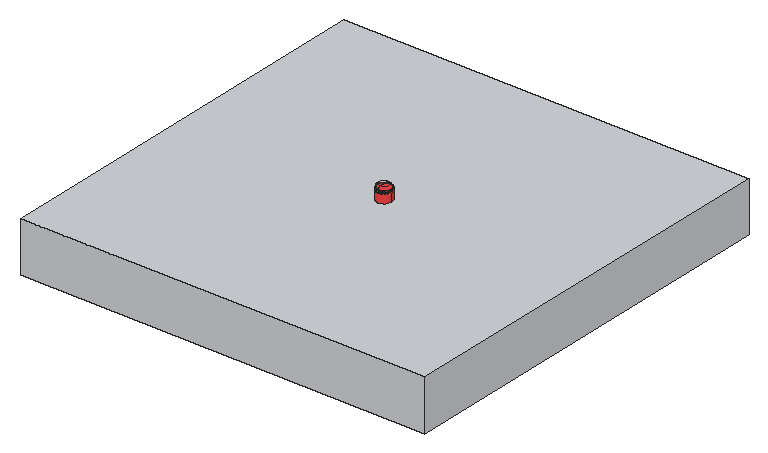
Revit family "Sirena_Aguilera Electronica", category Dispositivos de alarma de incendios, Revit 2017
Family settings
  Anfitrión = Cara
  Mantener orientación de anotación = Sí
  Cota de conector redondo = Diámetro de uso
  Tipo de pieza = Normal
  Número OmniClass = 23.85.30.21.14.11
  Título OmniClass = Concentration Detection Bells and Sounders
  Corte con vacíos al cargar = No
  Compartido = No
  Punto de cálculo de habitación = No
Parameters (values of type "Sirena electrónica con foco")
  URL = "https://aguilera.es/?productos=sirena-electronica-con-foco"
  Símbolo texto modelo = yes
  Símbolo = yes
  Modelo = "AE/V-ASF1SB"
  Flash = yes
  Fabricante = "Aguilera Electrónica"  # constant formula
  Elevación por defecto = 1200 mm
  Diámetro tubo = 20 mm
  Descripción = "Sirena con foco multitono. Certificada según EN 54-3. Dimensiones: Ø 93 mm, altura: 80 mm. Nivel sonoro: 100 dB (tono 3). Intensidad luminosa: > 0,5Cd.\r\n\r\nConsumo: 25mA. Protección: IP54 (con base baja) IP65 (con base alta)"
  Altura 3 = 17 mm  # constant formula
  Altura 2 = 53 mm  # constant formula
  Altura 1 = 10 mm  # constant formula
Types (3, lengths in mm): name | URL | Modelo | Flash | Descripción
  (no name) | "https://aguilera.es/?productos=sirena-electronica-con-foco" | "AE/V-ASF1SB" | yes | "Sirena con foco multitono. Certificada según EN 54-3. Dimensiones: Ø 93 mm, altura: 80 mm. Nivel sonoro: 100 dB (tono 3). Intensidad luminosa: > 0,5Cd.\r\n\r\nConsumo: 25mA. Protección: IP54 (con base baja) IP65 (con base alta)"
  Sirena electrónica | "https://aguilera.es/?productos=sirena-electronica" | "AE/V-AS1SB" | no | "Sirena de bajo consumo multitono. Certificada según EN 54-3. Consumo entre 6 y 33 mA, dependiendo del tono. Dimensiones: Ø 93 mm, altura: 63mm.\r\n\r\nNivel sonoro: 102 dB (tono 3). Protección: IP54 (con base baja) IP65 (con base alta)"
  Sirena electrónica con foco | "https://aguilera.es/?productos=sirena-electronica-con-foco" | "AE/V-ASF1SB" | yes | "Sirena con foco multitono. Certificada según EN 54-3. Dimensiones: Ø 93 mm, altura: 80 mm. Nivel sonoro: 100 dB (tono 3). Intensidad luminosa: > 0,5Cd.\r\n\r\nConsumo: 25mA. Protección: IP54 (con base baja) IP65 (con base alta)"
Reference planes
  plane 1 "Centro (Frontal/Posterior)": y = 0
  plane 2: z = 0
  plane 3 "Centro (Izquierda/Derecha)": x = 0
  plane 4: z = 53
  plane 5: z = 63
  plane 6: z = 80
Forms (mm)
  Extrusion 1, solid
    sketch origin (0, 0, 0) x (1, 0, 0) y (0, 1, 0)
      loop
        line (-1219.2, 1219.2) -> (-1219.2, -1219.2) -> (1219.2, -1219.2) -> (1219.2, 1219.2) -> (-1219.2, 1219.2)
    from 0 to -304.8
  Extrusion 2, solid, material "ABS Rojo", detail levels medium+fine
    sketch origin (0, 0, 0) x (1, 0, 0) y (0, 1, 0)
      loop
        circle (0, 0) r 46.5
    from 0 to 53
  Extrusion 3, solid, material "ABS Rojo", detail levels fine
    sketch origin (0, 0, 0) x (0, 1, 0) y (0, 0, 1)
      loop
        line (-46.437, 53) -> (-41.5, 53) -> (-41.5, 63) -> (-42.516, 63) -> (-46.437, 53)
    from 1 to -1
  Extrusion 4, solid, material "ABS Rojo", detail levels fine
    sketch origin (0, 0, 0) x (-0.173648, 0.984808, 0) y (0, 0, 1)
      loop
        line (-46.437, 53) -> (-41.5, 53) -> (-41.5, 63) -> (-42.516, 63) -> (-46.437, 53)
    from 1 to -1
  Extrusion 5, solid, material "ABS Rojo", detail levels fine
    sketch origin (0, 0, 0) x (-0.34202, 0.939693, 0) y (0, 0, 1)
      loop
        line (-46.437, 53) -> (-41.5, 53) -> (-41.5, 63) -> (-42.516, 63) -> (-46.437, 53)
    from 1 to -1
  Extrusion 6, solid, material "ABS Rojo", detail levels fine
    sketch origin (0, 0, 0) x (-0.5, 0.866025, 0) y (0, 0, 1)
      loop
        line (-46.437, 53) -> (-41.5, 53) -> (-41.5, 63) -> (-42.516, 63) -> (-46.437, 53)
    from 1 to -1
  Extrusion 7, solid, material "ABS Rojo", detail levels fine
    sketch origin (0, 0, 0) x (-0.642788, 0.766044, 0) y (0, 0, 1)
      loop
        line (-46.437, 53) -> (-41.5, 53) -> (-41.5, 63) -> (-42.516, 63) -> (-46.437, 53)
    from 1 to -1
  Extrusion 8, solid, material "ABS Rojo", detail levels fine
    sketch origin (0, 0, 0) x (-0.766044, 0.642788, 0) y (0, 0, 1)
      loop
        line (-46.437, 53) -> (-41.5, 53) -> (-41.5, 63) -> (-42.516, 63) -> (-46.437, 53)
    from 1 to -1
  Extrusion 9, solid, material "ABS Rojo", detail levels fine
    sketch origin (0, 0, 0) x (-0.866025, 0.5, 0) y (0, 0, 1)
      loop
        line (-46.437, 53) -> (-41.5, 53) -> (-41.5, 63) -> (-42.516, 63) -> (-46.437, 53)
    from 1 to -1
  Extrusion 10, solid, material "ABS Rojo", detail levels fine
    sketch origin (0, 0, 0) x (-0.939693, 0.34202, 0) y (0, 0, 1)
      loop
        line (-46.437, 53) -> (-41.5, 53) -> (-41.5, 63) -> (-42.516, 63) -> (-46.437, 53)
    from 1 to -1
  Extrusion 11, solid, material "ABS Rojo", detail levels fine
    sketch origin (0, 0, 0) x (-0.984808, 0.173648, 0) y (0, 0, 1)
      loop
        line (-46.437, 53) -> (-41.5, 53) -> (-41.5, 63) -> (-42.516, 63) -> (-46.437, 53)
    from 1 to -1
  Extrusion 12, solid, material "ABS Rojo", detail levels fine
    sketch origin (0, 0, 0) x (-1, 0, 0) y (0, 0, 1)
      loop
        line (-46.437, 53) -> (-41.5, 53) -> (-41.5, 63) -> (-42.516, 63) -> (-46.437, 53)
    from 1 to -1
  Extrusion 13, solid, material "ABS Rojo", detail levels fine
    sketch origin (0, 0, 0) x (0, -1, 0) y (0, 0, -1)
      loop
        line (-46.437, -53) -> (-42.516, -63) -> (-41.5, -63) -> (-41.5, -53) -> (-46.437, -53)
    from 1 to -1
  Extrusion 14, solid, material "ABS Rojo", detail levels fine
    sketch origin (0, 0, 0) x (-0.173648, -0.984808, 0) y (0, 0, -1)
      loop
        line (-46.437, -53) -> (-42.516, -63) -> (-41.5, -63) -> (-41.5, -53) -> (-46.437, -53)
    from 1 to -1
  Extrusion 15, solid, material "ABS Rojo", detail levels fine
    sketch origin (0, 0, 0) x (-0.34202, -0.939693, 0) y (0, 0, -1)
      loop
        line (-46.437, -53) -> (-42.516, -63) -> (-41.5, -63) -> (-41.5, -53) -> (-46.437, -53)
    from 1 to -1
  Extrusion 16, solid, material "ABS Rojo", detail levels fine
    sketch origin (0, 0, 0) x (-0.5, -0.866025, 0) y (0, 0, -1)
      loop
        line (-46.437, -53) -> (-42.516, -63) -> (-41.5, -63) -> (-41.5, -53) -> (-46.437, -53)
    from 1 to -1
  Extrusion 17, solid, material "ABS Rojo", detail levels fine
    sketch origin (0, 0, 0) x (-0.642788, -0.766044, 0) y (0, 0, -1)
      loop
        line (-46.437, -53) -> (-42.516, -63) -> (-41.5, -63) -> (-41.5, -53) -> (-46.437, -53)
    from 1 to -1
  Extrusion 18, solid, material "ABS Rojo", detail levels fine
    sketch origin (0, 0, 0) x (-0.766044, -0.642788, 0) y (0, 0, -1)
      loop
        line (-46.437, -53) -> (-42.516, -63) -> (-41.5, -63) -> (-41.5, -53) -> (-46.437, -53)
    from 1 to -1
  Extrusion 19, solid, material "ABS Rojo", detail levels fine
    sketch origin (0, 0, 0) x (-0.866025, -0.5, 0) y (0, 0, -1)
      loop
        line (-46.437, -53) -> (-42.516, -63) -> (-41.5, -63) -> (-41.5, -53) -> (-46.437, -53)
    from 1 to -1
  Extrusion 20, solid, material "ABS Rojo", detail levels fine
    sketch origin (0, 0, 0) x (-0.939693, -0.34202, 0) y (0, 0, -1)
      loop
        line (-46.437, -53) -> (-42.516, -63) -> (-41.5, -63) -> (-41.5, -53) -> (-46.437, -53)
    from 1 to -1
  Extrusion 21, solid, material "ABS Rojo", detail levels fine
    sketch origin (0, 0, 0) x (-0.984808, -0.173648, 0) y (0, 0, -1)
      loop
        line (-46.437, -53) -> (-42.516, -63) -> (-41.5, -63) -> (-41.5, -53) -> (-46.437, -53)
    from 1 to -1
  Extrusion 22, solid, material "ABS Rojo", detail levels fine
    sketch origin (0, 0, 0) x (0.173648, 0.984808, 0) y (0, 0, -1)
      loop
        line (-46.437, -53) -> (-42.516, -63) -> (-41.5, -63) -> (-41.5, -53) -> (-46.437, -53)
    from 1 to -1
  Extrusion 23, solid, material "ABS Rojo", detail levels fine
    sketch origin (0, 0, 0) x (0.34202, 0.939693, 0) y (0, 0, -1)
      loop
        line (-46.437, -53) -> (-42.516, -63) -> (-41.5, -63) -> (-41.5, -53) -> (-46.437, -53)
    from 1 to -1
  Extrusion 24, solid, material "ABS Rojo", detail levels fine
    sketch origin (0, 0, 0) x (0.5, 0.866025, 0) y (0, 0, -1)
      loop
        line (-46.437, -53) -> (-42.516, -63) -> (-41.5, -63) -> (-41.5, -53) -> (-46.437, -53)
    from 1 to -1
  Extrusion 25, solid, material "ABS Rojo", detail levels fine
    sketch origin (0, 0, 0) x (0.642788, 0.766044, 0) y (0, 0, -1)
      loop
        line (-46.437, -53) -> (-42.516, -63) -> (-41.5, -63) -> (-41.5, -53) -> (-46.437, -53)
    from 1 to -1
  Extrusion 26, solid, material "ABS Rojo", detail levels fine
    sketch origin (0, 0, 0) x (0.766044, 0.642788, 0) y (0, 0, -1)
      loop
        line (-46.437, -53) -> (-42.516, -63) -> (-41.5, -63) -> (-41.5, -53) -> (-46.437, -53)
    from 1 to -1
  Extrusion 27, solid, material "ABS Rojo", detail levels fine
    sketch origin (0, 0, 0) x (0.866025, 0.5, 0) y (0, 0, -1)
      loop
        line (-46.437, -53) -> (-42.516, -63) -> (-41.5, -63) -> (-41.5, -53) -> (-46.437, -53)
    from 1 to -1
  Extrusion 28, solid, material "ABS Rojo", detail levels fine
    sketch origin (0, 0, 0) x (0.939693, 0.34202, 0) y (0, 0, -1)
      loop
        line (-46.437, -53) -> (-42.516, -63) -> (-41.5, -63) -> (-41.5, -53) -> (-46.437, -53)
    from 1 to -1
  Extrusion 29, solid, material "ABS Rojo", detail levels fine
    sketch origin (0, 0, 0) x (0.984808, 0.173648, 0) y (0, 0, -1)
      loop
        line (-46.437, -53) -> (-42.516, -63) -> (-41.5, -63) -> (-41.5, -53) -> (-46.437, -53)
    from 1 to -1
  Extrusion 30, solid, material "ABS Rojo", detail levels fine
    sketch origin (0, 0, 0) x (1, 0, 0) y (0, 0, -1)
      loop
        line (-46.437, -53) -> (-42.516, -63) -> (-41.5, -63) -> (-41.5, -53) -> (-46.437, -53)
    from 1 to -1
  Extrusion 31, solid, material "ABS Rojo", detail levels fine
    sketch origin (0, 0, 0) x (0.173648, -0.984808, 0) y (0, 0, 1)
      loop
        line (-46.437, 53) -> (-41.5, 53) -> (-41.5, 63) -> (-42.516, 63) -> (-46.437, 53)
    from 1 to -1
  Extrusion 32, solid, material "ABS Rojo", detail levels fine
    sketch origin (0, 0, 0) x (0.34202, -0.939693, 0) y (0, 0, 1)
      loop
        line (-46.437, 53) -> (-41.5, 53) -> (-41.5, 63) -> (-42.516, 63) -> (-46.437, 53)
    from 1 to -1
  Extrusion 33, solid, material "ABS Rojo", detail levels fine
    sketch origin (0, 0, 0) x (0.5, -0.866025, 0) y (0, 0, 1)
      loop
        line (-46.437, 53) -> (-41.5, 53) -> (-41.5, 63) -> (-42.516, 63) -> (-46.437, 53)
    from 1 to -1
  Extrusion 34, solid, material "ABS Rojo", detail levels fine
    sketch origin (0, 0, 0) x (0.642788, -0.766044, 0) y (0, 0, 1)
      loop
        line (-46.437, 53) -> (-41.5, 53) -> (-41.5, 63) -> (-42.516, 63) -> (-46.437, 53)
    from 1 to -1
  Extrusion 35, solid, material "ABS Rojo", detail levels fine
    sketch origin (0, 0, 0) x (0.766044, -0.642788, 0) y (0, 0, 1)
      loop
        line (-46.437, 53) -> (-41.5, 53) -> (-41.5, 63) -> (-42.516, 63) -> (-46.437, 53)
    from 1 to -1
  Extrusion 36, solid, material "ABS Rojo", detail levels fine
    sketch origin (0, 0, 0) x (0.866025, -0.5, 0) y (0, 0, 1)
      loop
        line (-46.437, 53) -> (-41.5, 53) -> (-41.5, 63) -> (-42.516, 63) -> (-46.437, 53)
    from 1 to -1
  Extrusion 37, solid, material "ABS Rojo", detail levels fine
    sketch origin (0, 0, 0) x (0.939693, -0.34202, 0) y (0, 0, 1)
      loop
        line (-46.437, 53) -> (-41.5, 53) -> (-41.5, 63) -> (-42.516, 63) -> (-46.437, 53)
    from 1 to -1
  Extrusion 38, solid, material "ABS Rojo", detail levels fine
    sketch origin (0, 0, 0) x (0.984808, -0.173648, 0) y (0, 0, 1)
      loop
        line (-46.437, 53) -> (-41.5, 53) -> (-41.5, 63) -> (-42.516, 63) -> (-46.437, 53)
    from 1 to -1
  Extrusion 39, solid, material "ABS Rojo", detail levels fine
    sketch origin (0, -114.377, 63) x (0, -1, 0) y (1, 0, 0)
      loop
        circle (-114.377, 0) r 42.516
    from 0 to -0.997
  Revolve 40, solid, material "Cristal rojo", visible <- "Flash", detail levels fine
    sketch origin (0, 0, 0) x (0, 1, 0) y (0, 0, 1)
      loop
        line (0, 63) -> (0, 80) -> (-29.692, 80)
        arc (-29.692, 80) -> (-38.596, 73.482) -> (-42.043, 63) r 18.051
        line (-42.043, 63) -> (0, 63)
      axis (0, 80) -> (0, 63)
    angle from 0 to 360
Dimensions and locks
  "Altura 2": plane 4 to plane 2
  "Altura 1": plane 5 to plane 4
  "Altura 3": plane 6 to plane 5
  aligned and locked: plane 2 to Extrusion 1
  aligned and locked: level to Extrusion 1
  aligned and locked: plane 4 to Extrusion 2
  aligned and locked: Extrusion 3 sketch curve to plane 5
  aligned and locked: Extrusion 3 sketch curve to plane 4
  aligned and locked: plane 1 "Centro (Frontal/Posterior)" to Revolve 40 sketch curve
Automatic sketch dimensions
  Extrusion 1 sketch curve to Extrusion 1 sketch curve = 2438.4 mm  (x2)
  plane 1 "Centro (Frontal/Posterior)" to Extrusion 2 sketch curve = 0 mm
  Extrusion 2 sketch curve to plane 3 "Centro (Izquierda/Derecha)" = 0 mm
  plane 1 "Centro (Frontal/Posterior)" to Extrusion 3 sketch curve = 46.437 mm
  Extrusion 3 sketch curve to Extrusion 3 sketch curve = 3.921 mm
  Extrusion 3 sketch curve to Extrusion 3 sketch curve = 1.016 mm
  plane 4 to Extrusion 4 sketch curve = 0 mm
  plane 5 to Extrusion 4 sketch curve = 0 mm
  Extrusion 4 sketch curve to Extrusion 4 sketch curve = 3.921 mm
  Extrusion 4 sketch curve to Extrusion 4 sketch curve = 1.016 mm
  plane 4 to Extrusion 5 sketch curve = 0 mm
  plane 5 to Extrusion 5 sketch curve = 0 mm
  Extrusion 5 sketch curve to Extrusion 5 sketch curve = 3.921 mm
  Extrusion 5 sketch curve to Extrusion 5 sketch curve = 1.016 mm
  plane 4 to Extrusion 6 sketch curve = 0 mm
  plane 5 to Extrusion 6 sketch curve = 0 mm
  Extrusion 6 sketch curve to Extrusion 6 sketch curve = 3.921 mm
  Extrusion 6 sketch curve to Extrusion 6 sketch curve = 1.016 mm
  plane 4 to Extrusion 7 sketch curve = 0 mm
  plane 5 to Extrusion 7 sketch curve = 0 mm
  Extrusion 7 sketch curve to Extrusion 7 sketch curve = 3.921 mm
  Extrusion 7 sketch curve to Extrusion 7 sketch curve = 1.016 mm
  plane 4 to Extrusion 8 sketch curve = 0 mm
  plane 5 to Extrusion 8 sketch curve = 0 mm
  Extrusion 8 sketch curve to Extrusion 8 sketch curve = 3.921 mm
  Extrusion 8 sketch curve to Extrusion 8 sketch curve = 1.016 mm
  plane 4 to Extrusion 9 sketch curve = 0 mm
  plane 5 to Extrusion 9 sketch curve = 0 mm
  Extrusion 9 sketch curve to Extrusion 9 sketch curve = 3.921 mm
  Extrusion 9 sketch curve to Extrusion 9 sketch curve = 1.016 mm
  plane 4 to Extrusion 10 sketch curve = 0 mm
  plane 5 to Extrusion 10 sketch curve = 0 mm
  Extrusion 10 sketch curve to Extrusion 10 sketch curve = 3.921 mm
  Extrusion 10 sketch curve to Extrusion 10 sketch curve = 1.016 mm
  plane 4 to Extrusion 11 sketch curve = 0 mm
  plane 5 to Extrusion 11 sketch curve = 0 mm
  Extrusion 11 sketch curve to Extrusion 11 sketch curve = 3.921 mm
  Extrusion 11 sketch curve to Extrusion 11 sketch curve = 1.016 mm
  Extrusion 12 sketch curve to plane 4 = 0 mm
  Extrusion 12 sketch curve to plane 5 = 0 mm
  plane 3 "Centro (Izquierda/Derecha)" to Extrusion 12 sketch curve = 46.437 mm
  Extrusion 12 sketch curve to Extrusion 12 sketch curve = 3.921 mm
  Extrusion 12 sketch curve to Extrusion 12 sketch curve = 1.016 mm
  Extrusion 13 sketch curve to plane 4 = 0 mm
  Extrusion 13 sketch curve to plane 5 = 0 mm
  plane 1 "Centro (Frontal/Posterior)" to Extrusion 13 sketch curve = 46.437 mm
  Extrusion 13 sketch curve to Extrusion 13 sketch curve = 3.921 mm
  Extrusion 13 sketch curve to Extrusion 13 sketch curve = 1.016 mm
  Extrusion 14 sketch curve to plane 4 = 0 mm
  Extrusion 14 sketch curve to plane 5 = 0 mm
  Extrusion 14 sketch curve to Extrusion 14 sketch curve = 3.921 mm
  Extrusion 14 sketch curve to Extrusion 14 sketch curve = 1.016 mm
  Extrusion 15 sketch curve to plane 4 = 0 mm
  Extrusion 15 sketch curve to plane 5 = 0 mm
  Extrusion 15 sketch curve to Extrusion 15 sketch curve = 3.921 mm
  Extrusion 15 sketch curve to Extrusion 15 sketch curve = 1.016 mm
  Extrusion 16 sketch curve to plane 4 = 0 mm
  Extrusion 16 sketch curve to plane 5 = 0 mm
  Extrusion 16 sketch curve to Extrusion 16 sketch curve = 3.921 mm
  Extrusion 16 sketch curve to Extrusion 16 sketch curve = 1.016 mm
  Extrusion 17 sketch curve to plane 4 = 0 mm
  Extrusion 17 sketch curve to plane 5 = 0 mm
  Extrusion 17 sketch curve to Extrusion 17 sketch curve = 3.921 mm
  Extrusion 17 sketch curve to Extrusion 17 sketch curve = 1.016 mm
  Extrusion 18 sketch curve to plane 4 = 0 mm
  Extrusion 18 sketch curve to plane 5 = 0 mm
  Extrusion 18 sketch curve to Extrusion 18 sketch curve = 3.921 mm
  Extrusion 18 sketch curve to Extrusion 18 sketch curve = 1.016 mm
  Extrusion 19 sketch curve to plane 4 = 0 mm
  Extrusion 19 sketch curve to plane 5 = 0 mm
  Extrusion 19 sketch curve to Extrusion 19 sketch curve = 3.921 mm
  Extrusion 19 sketch curve to Extrusion 19 sketch curve = 1.016 mm
  Extrusion 20 sketch curve to plane 4 = 0 mm
  Extrusion 20 sketch curve to plane 5 = 0 mm
  Extrusion 20 sketch curve to Extrusion 20 sketch curve = 3.921 mm
  Extrusion 20 sketch curve to Extrusion 20 sketch curve = 1.016 mm
  Extrusion 21 sketch curve to plane 4 = 0 mm
  Extrusion 21 sketch curve to plane 5 = 0 mm
  Extrusion 21 sketch curve to Extrusion 21 sketch curve = 3.921 mm
  Extrusion 21 sketch curve to Extrusion 21 sketch curve = 1.016 mm
  plane 4 to Extrusion 22 sketch curve = 0 mm
  plane 5 to Extrusion 22 sketch curve = 0 mm
  Extrusion 22 sketch curve to Extrusion 22 sketch curve = 3.921 mm
  Extrusion 22 sketch curve to Extrusion 22 sketch curve = 1.016 mm
  plane 4 to Extrusion 23 sketch curve = 0 mm
  plane 5 to Extrusion 23 sketch curve = 0 mm
  Extrusion 23 sketch curve to Extrusion 23 sketch curve = 3.921 mm
  Extrusion 23 sketch curve to Extrusion 23 sketch curve = 1.016 mm
  plane 4 to Extrusion 24 sketch curve = 0 mm
  plane 5 to Extrusion 24 sketch curve = 0 mm
  Extrusion 24 sketch curve to Extrusion 24 sketch curve = 3.921 mm
  Extrusion 24 sketch curve to Extrusion 24 sketch curve = 1.016 mm
  plane 4 to Extrusion 25 sketch curve = 0 mm
  plane 5 to Extrusion 25 sketch curve = 0 mm
  Extrusion 25 sketch curve to Extrusion 25 sketch curve = 3.921 mm
  Extrusion 25 sketch curve to Extrusion 25 sketch curve = 1.016 mm
  plane 4 to Extrusion 26 sketch curve = 0 mm
  plane 5 to Extrusion 26 sketch curve = 0 mm
  Extrusion 26 sketch curve to Extrusion 26 sketch curve = 3.921 mm
  Extrusion 26 sketch curve to Extrusion 26 sketch curve = 1.016 mm
  plane 4 to Extrusion 27 sketch curve = 0 mm
  plane 5 to Extrusion 27 sketch curve = 0 mm
  Extrusion 27 sketch curve to Extrusion 27 sketch curve = 3.921 mm
  Extrusion 27 sketch curve to Extrusion 27 sketch curve = 1.016 mm
  plane 4 to Extrusion 28 sketch curve = 0 mm
  plane 5 to Extrusion 28 sketch curve = 0 mm
  Extrusion 28 sketch curve to Extrusion 28 sketch curve = 3.921 mm
  Extrusion 28 sketch curve to Extrusion 28 sketch curve = 1.016 mm
  plane 4 to Extrusion 29 sketch curve = 0 mm
  plane 5 to Extrusion 29 sketch curve = 0 mm
  Extrusion 29 sketch curve to Extrusion 29 sketch curve = 3.921 mm
  Extrusion 29 sketch curve to Extrusion 29 sketch curve = 1.016 mm
  Extrusion 30 sketch curve to plane 4 = 0 mm
  Extrusion 30 sketch curve to plane 5 = 0 mm
  Extrusion 30 sketch curve to plane 3 "Centro (Izquierda/Derecha)" = 46.437 mm
  Extrusion 30 sketch curve to Extrusion 30 sketch curve = 3.921 mm
  Extrusion 30 sketch curve to Extrusion 30 sketch curve = 1.016 mm
  Extrusion 31 sketch curve to plane 4 = 0 mm
  Extrusion 31 sketch curve to plane 5 = 0 mm
  Extrusion 31 sketch curve to Extrusion 31 sketch curve = 3.921 mm
  Extrusion 31 sketch curve to Extrusion 31 sketch curve = 1.016 mm
  Extrusion 32 sketch curve to plane 4 = 0 mm
  Extrusion 32 sketch curve to plane 5 = 0 mm
  Extrusion 32 sketch curve to Extrusion 32 sketch curve = 3.921 mm
  Extrusion 32 sketch curve to Extrusion 32 sketch curve = 1.016 mm
  Extrusion 33 sketch curve to plane 4 = 0 mm
  Extrusion 33 sketch curve to plane 5 = 0 mm
  Extrusion 33 sketch curve to Extrusion 33 sketch curve = 3.921 mm
  Extrusion 33 sketch curve to Extrusion 33 sketch curve = 1.016 mm
  Extrusion 34 sketch curve to plane 4 = 0 mm
  Extrusion 34 sketch curve to plane 5 = 0 mm
  Extrusion 34 sketch curve to Extrusion 34 sketch curve = 3.921 mm
  Extrusion 34 sketch curve to Extrusion 34 sketch curve = 1.016 mm
  Extrusion 35 sketch curve to plane 4 = 0 mm
  Extrusion 35 sketch curve to plane 5 = 0 mm
  Extrusion 35 sketch curve to Extrusion 35 sketch curve = 3.921 mm
  Extrusion 35 sketch curve to Extrusion 35 sketch curve = 1.016 mm
  Extrusion 36 sketch curve to plane 4 = 0 mm
  Extrusion 36 sketch curve to plane 5 = 0 mm
  Extrusion 36 sketch curve to Extrusion 36 sketch curve = 3.921 mm
  Extrusion 36 sketch curve to Extrusion 36 sketch curve = 1.016 mm
  Extrusion 37 sketch curve to plane 4 = 0 mm
  Extrusion 37 sketch curve to plane 5 = 0 mm
  Extrusion 37 sketch curve to Extrusion 37 sketch curve = 3.921 mm
  Extrusion 37 sketch curve to Extrusion 37 sketch curve = 1.016 mm
  Extrusion 38 sketch curve to plane 4 = 0 mm
  Extrusion 38 sketch curve to plane 5 = 0 mm
  Extrusion 38 sketch curve to Extrusion 38 sketch curve = 3.921 mm
  Extrusion 38 sketch curve to Extrusion 38 sketch curve = 1.016 mm
  plane 1 "Centro (Frontal/Posterior)" to Extrusion 39 sketch curve = 0 mm
  Extrusion 39 sketch curve to plane 3 "Centro (Izquierda/Derecha)" = 0 mm
  Revolve 40 sketch curve to plane 5 = 0 mm
  Revolve 40 sketch curve to plane 6 = 0 mm
  Revolve 40 sketch curve to plane 1 "Centro (Frontal/Posterior)" = 0 mm
  Revolve 40 sketch curve to plane 5 = 0.128 mm
  plane 1 "Centro (Frontal/Posterior)" to Revolve 40 sketch curve = 23.993 mm
  Revolve 40 sketch curve to Revolve 40 sketch curve = 5.699 mm
  Revolve 40 sketch curve to Revolve 40 sketch curve = 2.59 mm
  plane 6 to Revolve 40 sketch curve = 5.59 mm
  radius of Extrusion 2 sketch curve = 46.5 mm
  radius of Extrusion 39 sketch curve = 42.516 mm
Nested families
  nested 1: "S_Sirena_Aguilera Electronica" at (0, 0, 0), visible <- "Símbolo", type "S_Sirena_Aguilera Electronica"
Connectors
  electrical at (0, 0, 0), driven by "Modelo"
    settings: on Extrusion 2, index 1, voltage 0 V, apparent load 0 VA, apparent load phase1 0 VA, apparent load phase2 0 VA, apparent load phase3 0 VA, power factor 1, load classification "Otro", number of poles 1, system type 11, power factor state 1, is connector primary yes, connector utility no, sub classification motor no, connector description "AE/V-ASF1SB"
  cabletrayconduit at (0, 0, 0), diameter 20, driven by "Diámetro tubo", driven by "Modelo"
    settings: on Extrusion 2, index 2, connector width 300 mm, connector height 300 mm, connector angle 0.00°, system type 32, placement type 0, profile type 0, connector reference index -1, is primary connector yes, connector utility param no, connector description "AE/V-ASF1SB"
Definition of nested family "S_Sirena_Aguilera Electronica"
  Parameters (values of type "S_Sirena_Aguilera Electronica")
    Texto símbolo = "Sirena"
    Texto modelo = yes
    Modelo = "AE/SA-AS1"
  Reference planes
    plane 1: y = 0
    plane 2: x = 0
  Lines and regions (mm)
    detail lines
      curve 1: line (-3.584, 1.13, 0) -> (-1.982, 1.13, 0)
      curve 2: line (-3.584, -0.471, 0) -> (-3.584, 1.13, 0)
      curve 3: line (-1.982, -0.471, 0) -> (-3.584, -0.471, 0)
      curve 4: line (-1.982, 1.13, 0) -> (-1.982, -0.471, 0)
      curve 5: line (-1.982, 0.512, 0) -> (1.722, 2.319, 0)
      curve 6: line (1.722, 2.319, 0) -> (3.678, -1.068, 0)
      curve 7: line (3.678, -1.068, 0) -> (-1.982, 0, 0)
  Text (mm)
    label "Modelo" at (0.256, -2.688, 0), shows "Modelo", visible <- "Texto modelo"
